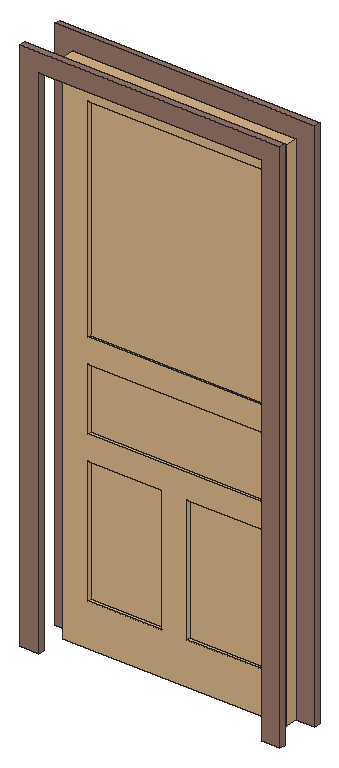
Revit family
Parameters (values of type "0915 x 2134mm")
  Thickness = 51.00 mm
  Door Material = Door - Panel
  Frame Material = Door - Frame
  Height = 2134.00 mm
  Rail Width - Base = 175.00 mm
  Rail Width - Center = 100.00 mm
  Rail Width - Top = 125.00 mm
  Stile Width = 102.00 mm
  Trim Projection Ext = 25.00 mm
  Trim Projection Int = 25.00 mm
  Trim Width = 76.00 mm
  Wall Closure = (empty or 0)
  Width = 915.00 mm
Types (7, lengths in mm): name | Height | Width
  0915 x 2134mm | 2134.00 | 915.00
  0864 x 2134mm | 2134.00 | 864.00
  0813 x 2134mm | 2134.00 | 813.00
  0762 x 2134mm | 2134.00 | 762.00
  0762 x 2032mm | 2032.00 | 762.00
  0915 x 2032mm | 2032.00 | 915.00
  0864 x 2032mm | 2032.00 | 864.00
Reference planes
  plane 1: y = 0
  plane 2: z = 0
  plane 3: x = 0
  plane 4: x = -457.5
  plane 5: x = 457.5
  plane 6: z = 2134
  plane 7: z = 2009
  plane 8: z = 1143
  plane 9: z = 1043
  plane 10: z = 787.4
  plane 11: x = -355.5
  plane 12: x = 355.5
  plane 13: z = 687.4
  plane 14: z = 175
  plane 15: x = -51
  plane 16: x = 51
Forms (mm)
  Extrusion 1, solid, material "Door - Panel" <- "Door Material"
    sketch origin (-1524, -76.2, 0) x (1, 0, 0) y (0, 0, 1)
      loop
        line (1879.5, 2009) -> (1168.5, 2009) -> (1168.5, 1143) -> (1879.5, 1143) -> (1879.5, 2009)
      loop
        line (1879.5, 1043) -> (1168.5, 1043) -> (1168.5, 787.4) -> (1879.5, 787.4) -> (1879.5, 1043)
      loop
        line (1168.5, 687.4) -> (1168.5, 175) -> (1473, 175) -> (1473, 687.4) -> (1168.5, 687.4)
      loop
        line (1575, 687.4) -> (1575, 175) -> (1879.5, 175) -> (1879.5, 687.4) -> (1575, 687.4)
      loop
        line (1981.5, 2134) -> (1066.5, 2134) -> (1066.5, 0) -> (1981.5, 0) -> (1981.5, 2134)
    from -152.4 to -101.4
  Extrusion 2, solid, material "Door - Panel" <- "Door Material"
    sketch origin (-1524, 25.2, 0) x (1, 0, 0) y (0, 0, 1)
      loop
        line (1879.5, 2009) -> (1168.5, 2009) -> (1168.5, 1143) -> (1879.5, 1143) -> (1879.5, 2009)
      loop
        line (1879.5, 787.4) -> (1879.5, 1043) -> (1168.5, 1043) -> (1168.5, 787.4) -> (1879.5, 787.4)
      loop
        line (1168.5, 687.4) -> (1168.5, 175) -> (1473, 175) -> (1473, 687.4) -> (1168.5, 687.4)
      loop
        line (1879.5, 175) -> (1879.5, 687.4) -> (1575, 687.4) -> (1575, 175) -> (1879.5, 175)
    from -38.3 to -12.7
  Extrusion 3, solid, material "Door - Frame" <- "Frame Material"
    sketch origin (-1524, -76.2, 0) x (1, 0, 0) y (0, 0, 1)
      loop
        line (990.5, 2210) -> (990.5, 0) -> (1066.5, 0) -> (1066.5, 2134) -> (1981.5, 2134) -> (1981.5, 0) -> (2057.5, 0) -> (2057.5, 2210) -> (990.5, 2210)
    from 0 to 25
  Extrusion 4, solid, material "Door - Frame"
    sketch origin (-1524, 76.2, 0) x (-1, 0, 0) y (0, 0, 1)
      loop
        line (-2057.5, 2210) -> (-2057.5, 0) -> (-1981.5, 0) -> (-1981.5, 2134) -> (-1066.5, 2134) -> (-1066.5, 0) -> (-990.5, 0) -> (-990.5, 2210) -> (-2057.5, 2210)
    from 0 to 25
Lines and regions (mm)
  Opening 1
    outline origin (-1524, -76.2, 3657.6) x (0, 0, -1) y (1, 0, 0)
      loop
        line (1523.6, 1066.5) -> (3657.6, 1066.5) -> (3657.6, 1981.5) -> (1523.6, 1981.5) -> (1523.6, 1066.5)
  symbolic lines, style "DoorsPanelProjection"
    curve 1: line (457.5, 76.2, 0) -> (406.5, 76.2, 0)
    curve 2: line (457.5, 76.2, 0) -> (457.5, 991.19, 0)
    curve 3: line (457.5, 991.19, 0) -> (406.5, 991.19, 0)
    curve 4: line (406.5, 76.2, 0) -> (406.5, 991.19, 0)
  model lines, style "DoorsFrameMullionProjection"
    curve 5: line (-533.5, -76.2, 0) -> (-533.5, -76.2, 2210)
    curve 6: line (-533.5, -76.2, 2210) -> (533.5, -76.2, 2210)
    curve 7: line (533.5, -76.2, 2210) -> (533.5, -76.2, 0)
    curve 8: line (533.5, 76.2, 0) -> (533.5, 76.2, 2210)
    curve 9: line (-533.5, 76.2, 2210) -> (533.5, 76.2, 2210)
    curve 10: line (-533.5, 76.2, 2210) -> (-533.5, 76.2, 0)
  symbolic lines, style "Plan Swing"
    curve 11: arc (406.5, 991.19, 0) -> (-208.287, 705.91, 0) -> (-458.91, 76.2, 0) r 916.41
  symbolic lines, style "Elevation Swing"
    curve 12: line (-457.5, 0, 2134) -> (457.5, 0, 1067)
    curve 13: line (457.5, 0, 1067) -> (-457.5, 0, 0)
Dimensions and locks
  equal spacing: plane 4, plane 3, plane 5
  "Width": plane 4 to plane 5
  locked: host wall to curve 1
  control icon elem to plane 5 = 658.75 mm
  "Height": plane 6 to plane 2
  "Trim Width": plane 4 to curve 5
  "Trim Width": plane 5 to curve 7
  "Trim Width": plane 6 to curve 6
  locked: curve 9 to host wall
  "Stile Width": plane 15 to plane 16
  "Stile Width": plane 4 to plane 11
  "Stile Width": plane 12 to plane 5
  "Rail Width - Top": plane 6 to plane 7
  "Rail Width - Center": plane 10 to plane 13
  "Rail Width - Center": plane 8 to plane 9
  "Thickness": curve 4 to plane 5
  "Trim Projection Int": Extrusion 3 to host wall
  "Trim Projection Ext": Extrusion 4 to host wall
  "Thickness": Extrusion 1 to host wall
  equal spacing: plane 15, plane 3, plane 16
  "Rail Width - Base": plane 14 to plane 2
  locked: host wall to Extrusion 2 at 12.7
  equal spacing: plane 6, curve 13, level
  aligned and locked: plane 2 to curve 5
  aligned and locked: curve 7 to level
  aligned and locked: curve 8 to curve 7
  aligned and locked: plane 12 to Extrusion 1 sketch curve  (x3)
  aligned and locked: Extrusion 1 sketch curve to plane 7
  aligned and locked: plane 8 to Extrusion 1 sketch curve
  aligned and locked: plane 11 to Extrusion 1 sketch curve  (x3)
  aligned and locked: Extrusion 1 sketch curve to plane 9
  aligned and locked: plane 10 to Extrusion 1 sketch curve
  aligned and locked: plane 13 to Extrusion 1 sketch curve  (x2)
  aligned and locked: plane 14 to Extrusion 1 sketch curve  (x2)
  aligned and locked: plane 15 to Extrusion 1 sketch curve
  aligned and locked: plane 16 to Extrusion 1 sketch curve
  aligned and locked: plane 5 to Extrusion 1 sketch curve
  aligned and locked: Extrusion 1 sketch curve to plane 6
  aligned and locked: plane 4 to Extrusion 1 sketch curve
  aligned and locked: plane 12 to Extrusion 2 sketch curve  (x3)
  aligned and locked: Extrusion 2 sketch curve to plane 7
  aligned and locked: plane 8 to Extrusion 2 sketch curve
  aligned and locked: plane 11 to Extrusion 2 sketch curve  (x2)
  aligned and locked: Extrusion 2 sketch curve to plane 10
  aligned and locked: plane 9 to Extrusion 2 sketch curve
  aligned and locked: Extrusion 2 sketch curve to plane 11
  aligned and locked: plane 13 to Extrusion 2 sketch curve  (x2)
  aligned and locked: Extrusion 2 sketch curve to Extrusion 1  (x2)
  aligned and locked: Extrusion 2 sketch curve to plane 14
  aligned and locked: Extrusion 2 sketch curve to plane 16
  aligned and locked: Extrusion 1 to host wall  (x3)
  aligned and locked: host wall to Extrusion 1
  aligned and locked: curve 6 to Extrusion 3 sketch curve
  aligned and locked: Extrusion 3 sketch curve to curve 5
  aligned and locked: Extrusion 3 sketch curve to curve 7
  aligned and locked: Extrusion 3 to Extrusion 4 sketch curve
  aligned and locked: Extrusion 4 sketch curve to Extrusion 3  (x2)
Automatic sketch dimensions
  Opening 1 sketch curve to plane 6 = 0.00 mm
  Opening 1 sketch curve to level = 0.00 mm
  Opening 1 sketch curve to plane 4 = 0.00 mm
  Opening 1 sketch curve to plane 5 = 0.00 mm
  Extrusion 3 sketch curve to level = 0.00 mm  (x2)
  Extrusion 3 sketch curve to plane 4 = 0.00 mm
  Extrusion 3 sketch curve to plane 5 = 0.00 mm
  Extrusion 3 sketch curve to plane 6 = 0.00 mm
  Extrusion 4 sketch curve to level = 0.00 mm  (x2)
  Extrusion 4 sketch curve to plane 5 = 0.00 mm
  Extrusion 4 sketch curve to plane 4 = 0.00 mm
  Extrusion 4 sketch curve to plane 6 = 0.00 mm
  curve 1 to plane 5 = 0.00 mm
  curve 11 to plane 5 = 0.00 mm
  plane 4 to curve 11 = 1.41 mm
  curve 11 to host wall = 0.00 mm
  curve 12 to plane 4 = 0.00 mm
  curve 12 to plane 6 = 0.00 mm
  curve 13 to plane 5 = 0.00 mm
  curve 10 to level = 0.00 mm
  curve 8 to level = 0.00 mm
  curve 13 to level = 0.00 mm
  curve 13 to plane 4 = 0.00 mm
  curve 9 to curve 5 = 0.00 mm
  curve 10 to curve 5 = 0.00 mm
